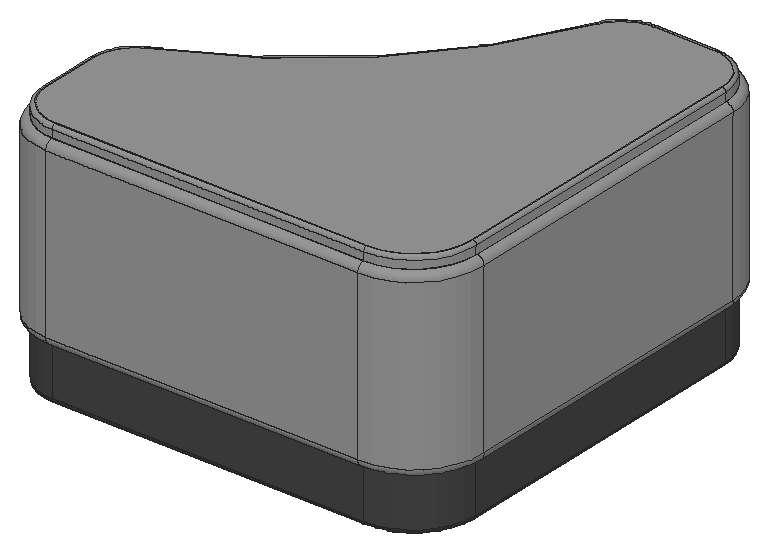
Revit family "10HST Creator Boomerang Lam Top", category Generic Models, Revit 2018
Family settings
  Can host rebar = No
  Round Connector Dimension = Use Diameter
  Part Type = Normal
  Work Plane-Based = No
  Always vertical = Yes
  Cut with Voids When Loaded = No
  Shared = No
  Room Calculation Point = No
Parameters
  Surface = 10HST Surface
  Fabric = 10HST Fabric
  Edgeband = 10HST Edgeband
Reference planes (in)
  plane 1 "Center (Front/Back)": y = 0
  plane 2: z = 0
  plane 3 "Center (Left/Right)": x = 0
Forms (in)
  Extrusion 1, solid, material "10HST Fabric" <- "Fabric"
    sketch origin (0, 0, 0) x (1, 0, 0) y (0, 1, 0)
      loop
        arc (2.62979, 17.7374) -> (0.99026, 17.24727) -> (-0.11448, 15.94042) r 2.99961
        arc (-0.11448, 15.94042) -> (-6.4972, 6.59002) -> (-15.8476, 0.2073) r 30.53885
        arc (-15.8476, 0.2073) -> (-17.15038, -0.89469) -> (-17.6376, -2.52999) r 2.98794
        line (-17.6376, -2.52999) -> (-17.6376, -6.24998)
        arc (-17.6376, -6.24998) -> (-16.7626, -8.36241) -> (-14.65017, -9.2374) r 2.98743
        line (-14.65017, -9.2374) -> (5.34979, -9.2374)
        arc (5.34979, -9.2374) -> (8.16932, -8.06952) -> (9.33721, -5.24998) r 3.98742
        line (9.33721, -5.24998) -> (9.33721, 14.74998)
        arc (9.33721, 14.74998) -> (8.46221, 16.86241) -> (6.34979, 17.7374) r 2.98743
        line (6.34979, 17.7374) -> (2.62979, 17.7374)
    from 4 to 15.75
  Sweep 2, solid, material "10HST Fabric" <- "Fabric"
    path origin (0, 0, 0) x (1, 0, 0) y (0, 1, 0)
      loop
        line (9.33721, -5.24998) -> (9.33721, 14.74998)
        arc (9.33721, 14.74998) -> (8.46221, 16.86241) -> (6.34979, 17.7374) r 2.98743
        line (6.34979, 17.7374) -> (2.62979, 17.7374)
        arc (2.62979, 17.7374) -> (0.99026, 17.24727) -> (-0.11448, 15.94042) r 2.99961
        arc (-0.11448, 15.94042) -> (-6.4972, 6.59002) -> (-15.8476, 0.2073) r 30.53885
        arc (-15.8476, 0.2073) -> (-17.15038, -0.89469) -> (-17.6376, -2.52999) r 2.98794
        line (-17.6376, -2.52999) -> (-17.6376, -6.24998)
        arc (-17.6376, -6.24998) -> (-16.7626, -8.36241) -> (-14.65017, -9.2374) r 2.98743
        line (-14.65017, -9.2374) -> (5.34979, -9.2374)
        arc (5.34979, -9.2374) -> (8.16932, -8.06952) -> (9.33721, -5.24998) r 3.98742
    profile origin (9.33721, 4.75, 0) x (-1, 0, 0) y (0, 0, 1)
      loop
        line (0, 4) -> (0, 15.75)
        arc (0, 15.75) -> (-0.35355, 15.60355) -> (-0.5, 15.25) r 0.5
        line (-0.5, 15.25) -> (-0.5, 4.5)
        arc (-0.5, 4.5) -> (-0.35355, 4.14645) -> (0, 4) r 0.5
  Extrusion 3, solid, material "10HS Frame"
    sketch origin (0, 0, 0) x (1, 0, 0) y (0, 1, 0)
      loop
        arc (2.62995, 17.4874) -> (1.12715, 17.03808) -> (0.11455, 15.84019) r 2.74961
        arc (0.11455, 15.84019) -> (-6.32043, 6.41325) -> (-15.74737, -0.02173) r 30.78885
        arc (-15.74737, -0.02173) -> (-16.94114, -1.03151) -> (-17.3876, -2.52999) r 2.73794
        line (-17.3876, -2.52999) -> (-17.3876, -6.24998)
        arc (-17.3876, -6.24998) -> (-16.58582, -8.18563) -> (-14.65017, -8.9874) r 2.73743
        line (-14.65017, -8.9874) -> (5.34979, -8.9874)
        arc (5.34979, -8.9874) -> (7.99255, -7.89274) -> (9.08721, -5.24998) r 3.73742
        line (9.08721, -5.24998) -> (9.08721, 14.74998)
        arc (9.08721, 14.74998) -> (8.28544, 16.68563) -> (6.34979, 17.4874) r 2.73743
        line (6.34979, 17.4874) -> (2.62995, 17.4874)
    from 0.5 to 4
  Sweep 4, solid, material "10HS Frame"
    path origin (0, 0, 0) x (1, 0, 0) y (0, 1, 0)
      loop
        line (9.08721, -5.24998) -> (9.08721, 14.74998)
        arc (9.08721, 14.74998) -> (8.28544, 16.68563) -> (6.34979, 17.4874) r 2.73743
        line (6.34979, 17.4874) -> (2.62995, 17.4874)
        arc (2.62995, 17.4874) -> (1.12715, 17.03808) -> (0.11455, 15.84019) r 2.74961
        arc (0.11455, 15.84019) -> (-6.32043, 6.41325) -> (-15.74737, -0.02173) r 30.78885
        arc (-15.74737, -0.02173) -> (-16.94114, -1.03151) -> (-17.3876, -2.52999) r 2.73794
        line (-17.3876, -2.52999) -> (-17.3876, -6.24998)
        arc (-17.3876, -6.24998) -> (-16.58582, -8.18563) -> (-14.65017, -8.9874) r 2.73743
        line (-14.65017, -8.9874) -> (5.34979, -8.9874)
        arc (5.34979, -8.9874) -> (7.99255, -7.89274) -> (9.08721, -5.24998) r 3.73742
    profile origin (9.08721, 4.75, 0) x (-1, 0, 0) y (0, 0, 1)
      loop
        line (0, 4) -> (-0.25, 4) -> (-0.25, 0.75)
        arc (-0.25, 0.75) -> (-0.17678, 0.57322) -> (0, 0.5) r 0.25
        line (0, 0.5) -> (0, 4)
  Revolve 5, solid, material "10HS Gliders"
    sketch origin (0, -4.3893, 0) x (1, 0, 0) y (0, 0, 1)
      loop
        line (-15.6376, 0.5) -> (-15.6376, 0) -> (-15.51358, 0)
        arc (-15.51358, 0) -> (-15.3368, 0.07322) -> (-15.26358, 0.25) r 0.25
        line (-15.26358, 0.25) -> (-15.26358, 0.5) -> (-15.6376, 0.5)
      axis (-15.6376, 0.5) -> (-15.6376, 0)
    angle from 0 to 360
  Revolve 6, solid, material "10HS Gliders"
    sketch origin (4.48701, 0.09988, 0) x (0, -1, 0) y (0, 0, -1)
      loop
        line (-15.6376, -0.5) -> (-15.26358, -0.5) -> (-15.26358, -0.25)
        arc (-15.26358, -0.25) -> (-15.3368, -0.07322) -> (-15.51358, 0) r 0.25
        line (-15.51358, 0) -> (-15.6376, 0) -> (-15.6376, -0.5)
      axis (-15.6376, -0.5) -> (-15.6376, 0)
    angle from 0 to 360
  Revolve 7, solid, material "10HS Gliders"
    sketch origin (6.75546, -22.28984, 0) x (0, -1, 0) y (0, 0, -1)
      loop
        line (-15.6376, -0.5) -> (-15.26358, -0.5) -> (-15.26358, -0.25)
        arc (-15.26358, -0.25) -> (-15.3368, -0.07322) -> (-15.51358, 0) r 0.25
        line (-15.51358, 0) -> (-15.6376, 0) -> (-15.6376, -0.5)
      axis (-15.6376, -0.5) -> (-15.6376, 0)
    angle from 0 to 360
  Extrusion 8, solid, material "10HST Surface" <- "Surface"
    sketch origin (0, 0, 0) x (1, 0, 0) y (0, 1, 0)
      loop
        arc (-17.3876, -6.24998) -> (-16.58582, -8.18563) -> (-14.65017, -8.9874) r 2.73743
        line (-14.65017, -8.9874) -> (5.34979, -8.9874)
        arc (5.34979, -8.9874) -> (7.99255, -7.89274) -> (9.08721, -5.24998) r 3.73742
        line (9.08721, -5.24998) -> (9.08721, 14.74998)
        arc (9.08721, 14.74998) -> (8.28544, 16.68563) -> (6.34979, 17.4874) r 2.73743
        line (6.34979, 17.4874) -> (2.62995, 17.4874)
        arc (2.62995, 17.4874) -> (1.12715, 17.03808) -> (0.11455, 15.84019) r 2.74961
        arc (0.11455, 15.84019) -> (-6.32043, 6.41325) -> (-15.74737, -0.02173) r 30.78885
        arc (-15.74737, -0.02173) -> (-16.94114, -1.03151) -> (-17.3876, -2.52999) r 2.73794
        line (-17.3876, -2.52999) -> (-17.3876, -6.24998)
    from 15.75 to 16.5
  Sweep 9, solid, material "10HST Edgeband" <- "Edgeband"
    path origin (0, 0, 0) x (1, 0, 0) y (0, 1, 0)
      loop
        line (9.08721, -5.24998) -> (9.08721, 14.74998)
        arc (9.08721, 14.74998) -> (8.28544, 16.68563) -> (6.34979, 17.4874) r 2.73743
        line (6.34979, 17.4874) -> (2.62995, 17.4874)
        arc (2.62995, 17.4874) -> (1.12715, 17.03808) -> (0.11455, 15.84019) r 2.74961
        arc (0.11455, 15.84019) -> (-6.32043, 6.41325) -> (-15.74737, -0.02173) r 30.78885
        arc (-15.74737, -0.02173) -> (-16.94114, -1.03151) -> (-17.3876, -2.52999) r 2.73794
        line (-17.3876, -2.52999) -> (-17.3876, -6.24998)
        arc (-17.3876, -6.24998) -> (-16.58582, -8.18563) -> (-14.65017, -8.9874) r 2.73743
        line (-14.65017, -8.9874) -> (5.34979, -8.9874)
        arc (5.34979, -8.9874) -> (7.99255, -7.89274) -> (9.08721, -5.24998) r 3.73742
    profile origin (9.08721, 4.75, 0) x (-1, 0, 0) y (0, 0, 1)
      loop
        line (0, 15.75) -> (0, 16.5)
        arc (0, 16.5) -> (-0.17678, 16.42678) -> (-0.25, 16.25) r 0.25
        line (-0.25, 16.25) -> (-0.25, 15.75) -> (0, 15.75)
Dimensions and locks (in)
  aligned and locked: plane 2 to level
